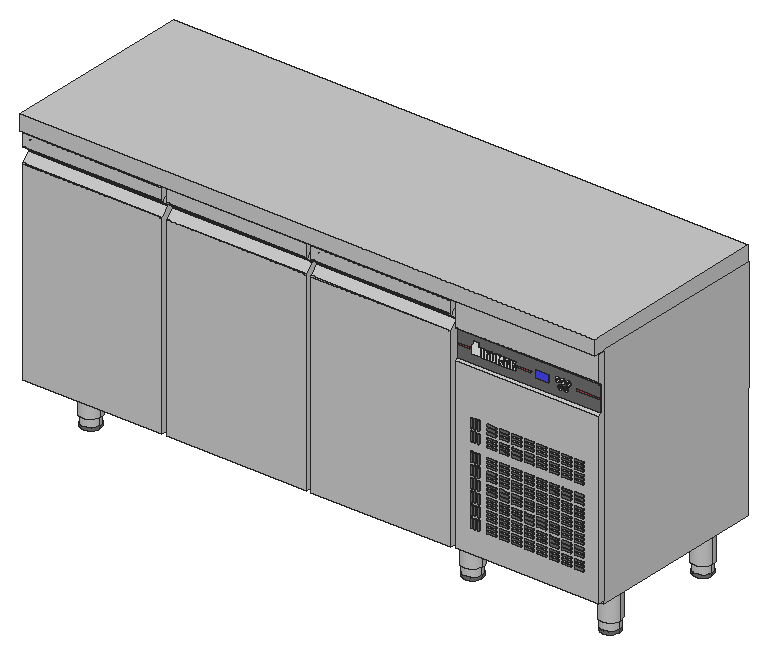
Revit family "QF_INOMAK_PMRP999_250528101708", category Specialty Equipment, Revit 2021 (continued)
Definition of nested family "QF_INOMAK_REF_COUNTERS_DOORS_DRAWERS_7216"
  Definition of nested family "Hopper"
    Automatic sketch dimensions
      Extrusion 1 sketch curve to Extrusion 1 sketch curve = 0.929 mm
      Extrusion 1 sketch curve to Extrusion 1 sketch curve = 2.385 mm
      Extrusion 1 sketch curve to Extrusion 1 sketch curve = 3.172 mm
      Extrusion 1 sketch curve to Extrusion 1 sketch curve = 11.91 mm
      Extrusion 1 sketch curve to Extrusion 1 sketch curve = 6.515 mm
      Extrusion 1 sketch curve to Extrusion 1 sketch curve = 1.556 mm
      Extrusion 1 sketch curve to Extrusion 1 sketch curve = 21.58 mm
      Extrusion 1 sketch curve to Extrusion 1 sketch curve = 1.242 mm
      Extrusion 1 sketch curve to Extrusion 1 sketch curve = 1.9 mm
      Extrusion 1 sketch curve to Extrusion 1 sketch curve = 0.515 mm
      Extrusion 1 sketch curve to Extrusion 1 sketch curve = 22.822 mm
      Extrusion 1 sketch curve to Extrusion 1 sketch curve = 19.985 mm
      Extrusion 1 sketch curve to Extrusion 1 sketch curve = 6.919 mm
      Extrusion 1 sketch curve to Extrusion 1 sketch curve = 30.039 mm
      Extrusion 2 sketch curve to plane 7 "Front legs" = 0 mm
      plane 13 to Extrusion 2 sketch curve = 0 mm
      plane 12 to Extrusion 2 sketch curve = 0 mm
      Extrusion 2 sketch curve to plane 5 "Front" = 565 mm
      curve 1 to plane 10 "Left panel" = 0 mm
      curve 2 to plane 11 "Right panel" = 0 mm
      curve 6 to plane 5 "Front" = 0 mm
      curve 5 to plane 5 "Front" = 0 mm
      curve 4 to plane 5 "Front" = 525 mm
      curve 3 to curve 3 = 40 mm
      plane 11 "Right panel" to curve 5 = 30 mm
      curve 6 to plane 10 "Left panel" = 30 mm
Definition of nested family "QF_INOMAK_REF_COUNTERS_DOORS_DRAWERS_16690"
  Parameters (values of type "DR-LX-710")
    Weight [instance] = 0.00 kg
    Warranty Start Date [instance] = ""
    Warranty Duration [instance] = ""
    URL Cutsheet [instance] = ""
    URL = "www.inomak.com"
    Top inset [instance] = 10 mm
    Technical Documentation [instance] = ""
    Tag Number [instance] = ""
    Status [instance] = ""
    Specification by User [instance] = ""
    Specification by Manufacturer [instance] = ""
    Sound Level [instance] = ""
    Solid Fuel Type [instance] = ""
    Show Logo [instance] = yes
    Show Clearances [instance] = yes
    Service Life Duration [instance] = ""
    Serial Number [instance] = ""
    Seismic Rating [instance] = ""
    SMACNA No [instance] = ""
    Right panel thickness [instance] = 0 mm
    Revision Code [instance] = ""
    Revision [instance] = ""
    Rear inset [instance] = 0 mm
    Production Year [instance] = ""
    Point Load [instance] = 0
    Plinth height [instance] = 0 mm
    Other Equipment Approvals [instance] = ""
    NAFEM Spec ID Number [instance] = ""
    Model Warning [instance] = ""
    Model = "DR-LX-710"
    Masterspec [instance] = ""
    Manufacturer = "INOMAK"
    Length Actual [instance] = 435 mm
    Left panel thickness [instance] = 0 mm
    Item Number [instance] = ""
    Installed By [instance] = ""
    Installation Date [instance] = ""
    Identify Quantity as Lot [instance] = yes
    ID [instance] = ""
    Hygiene Approval [instance] = ""
    Height Actual [instance] = 710 mm
    Furnished By [instance] = ""
    Front inset [instance] = 10 mm
    Foodservice Equipment Identifier [instance] = yes
    Finish [instance] = none
    ETL Approved [instance] = yes
    Doors drawers type [instance] = 8
    Description = "LEFT HINGED DOOR"
    Depth Actual [instance] = 700 mm
    Default Elevation = 0 mm
    CSI MasterFormat [instance] = ""
    CE Approved [instance] = yes
    Bottom inset [instance] = 10 mm
    Barcode [instance] = ""
    Author [instance] = ""
    Asset Identifier [instance] = ""
    Assembly Code = "E1090320"
    Accessory [instance] = yes
  Types (9, lengths in mm): name | Model | Height Actual | Doors drawers type | Description
    DW-2-710 | "DW-2-710" | 710 | 4 | "2 X GN 1/2 DRAWERS"
    DR-LX-710 | "DR-LX-710" | 710 | 8 | "LEFT HINGED DOOR"
    DR-RX-710 | "DR-RX-710" | 710 | 9 | "RIGHT HINGED DOOR"
    DW-3-710 | "DW-3-710" | 710 | 6 | "3 X GN 1/3 DRAWERS"
    DW-B-710 | "DW-B-710" | 710 | 5 | "1 X GN 1/3 & 1 X GN 2/3 DRAWERS"
    DW-2-483 | "DW-2-483" | 483 | 4 | "2 X GN 1/3 DRAWERS"
    DR-LX-483 | "DR-LX-483" | 483 | 8 | "LEFT HINGED DOOR"
    DR-RX-483 | "DR-RX-483" | 483 | 9 | "RIGHT HINGED DOOR"
    DW-1-483 | "DW-1-483" | 483 | 10 | "1 X GN 2/3 DRAWER"
  Reference planes
    plane 1 "Front": y = 0
    plane 2: z = 0
    plane 3 "Left": x = 0
    plane 4 "Right": x = 435
    plane 5 "Back": y = 700
    plane 6 "Top": z = 710
    plane 7 "Bottom shelf": z = 0
    plane 8: z = 700
    plane 9: z = 10
    plane 10: x = 0
    plane 11: x = 435
    plane 12 "Center Top Bottom": z = 355
  Lines and regions (mm)
    reference lines
      curve 1: line (0, 0, 355) -> (0, 25, 355)
      curve 2: line (435, 0, 355) -> (435, 25, 355)
      curve 3: line (0, 700, 355) -> (435, 700, 355)
      curve 4: line (0, 0, 355) -> (435, 0, 355)
  Dimensions and locks
    "Length Actual": plane 3 "Left" to plane 4 "Right"
    "Depth Actual": plane 1 "Front" to plane 5 "Back"
    "Height Actual": plane 6 "Top" to plane 7 "Bottom shelf"
    "Plinth height": plane 7 "Bottom shelf" to plane 2
    "Top inset": plane 6 "Top" to plane 8
    "Bottom inset": plane 9 to plane 7 "Bottom shelf"
    "Left panel thickness": plane 3 "Left" to plane 10
    "Right panel thickness": plane 11 to plane 4 "Right"
    equal spacing: plane 6 "Top", plane 12 "Center Top Bottom", plane 7 "Bottom shelf"
    "Length Actual": curve 1 to plane 4 "Right"
    "Length Actual": plane 3 "Left" to curve 2
    "Depth Actual": plane 1 "Front" to curve 3
    "Depth Actual": plane 5 "Back" to curve 4
    aligned and locked: level to plane 2
    aligned and locked: plane 3 "Left" to nested 1
    aligned and locked: plane 3 "Left" to nested 2
    aligned and locked: plane 3 "Left" to nested 3
    aligned and locked: plane 3 "Left" to nested 4
    aligned and locked: plane 3 "Left" to nested 5
    aligned and locked: plane 3 "Left" to nested 6
    aligned and locked: plane 3 "Left" to nested 7
    aligned and locked: plane 3 "Left" to nested 8
    aligned and locked: plane 3 "Left" to nested 9
    aligned and locked: nested 4 to plane 1 "Front"
    aligned and locked: nested 6 to plane 1 "Front"
    aligned and locked: nested 8 to plane 1 "Front"
    aligned and locked: nested 5 to plane 1 "Front"
    aligned and locked: nested 3 to plane 1 "Front"
    aligned and locked: nested 7 to plane 1 "Front"
    aligned and locked: nested 2 to plane 1 "Front"
    aligned and locked: nested 1 to plane 1 "Front"
    aligned and locked: nested 9 to plane 1 "Front"
  Automatic sketch dimensions
    curve 3 to plane 4 "Right" = 0 mm
    curve 3 to plane 3 "Left" = 0 mm
    curve 2 to curve 2 = 25 mm
    curve 1 to curve 1 = 25 mm
  Nested families
    nested 1: "Right_Door" at (0, 700, 0), Depth Actual <- "Depth Actual", Height Actual <- "Height Actual", Length Actual <- "Length Actual", Front inset <- "Front inset", Rear inset <- "Rear inset", Left panel thickness <- "Left panel thickness", Right panel thickness <- "Right panel thickness", Doors drawers type <- "Doors drawers type", Plinth height <- "Plinth height", Top inset <- "Top inset", Bottom inset <- "Bottom inset", type "Right door"
      with Top inset 10 mm, Right panel thickness 0 mm, Right hand hinged door no, Rear inset 0 mm, Plinth height 0 mm, Length Actual 435 mm, Left panel thickness 0 mm, Height Actual 710 mm, Front inset 10 mm, Doors drawers type 8, Depth Actual 700 mm, Bottom inset 10 mm
    nested 2: "Left_Door" at (0, 700, 0), Depth Actual <- "Depth Actual", Height Actual <- "Height Actual", Length Actual <- "Length Actual", Front inset <- "Front inset", Rear inset <- "Rear inset", Left panel thickness <- "Left panel thickness", Right panel thickness <- "Right panel thickness", Doors drawers type <- "Doors drawers type", Plinth height <- "Plinth height", Top inset <- "Top inset", Bottom inset <- "Bottom inset", type "Left door"
      with Top inset 10 mm, Right panel thickness 0 mm, Rear inset 0 mm, Plinth height 0 mm, Length Actual 435 mm, Left panel thickness 0 mm, Left hand hinged door yes, Height Actual 710 mm, Front inset 10 mm, Doors drawers type 8, Depth Actual 700 mm, Bottom inset 10 mm
    nested 3: "3_Drawers_1-3" at (0, 700, 0), Depth Actual <- "Depth Actual", Height Actual <- "Height Actual", Length Actual <- "Length Actual", Front inset <- "Front inset", Rear inset <- "Rear inset", Left panel thickness <- "Left panel thickness", Right panel thickness <- "Right panel thickness", Doors drawers type <- "Doors drawers type", Plinth height <- "Plinth height", Top inset <- "Top inset", Bottom inset <- "Bottom inset", type "3 Drawers 1-3"
      with Top inset 10 mm, Right panel thickness 0 mm, Rear inset 0 mm, Plinth height 0 mm, Length Actual 435 mm, Left panel thickness 0 mm, Height Actual 710 mm, Front inset 10 mm, Doors drawers type 8, Depth Actual 700 mm, Bottom inset 10 mm, 3 Drawers no
    nested 4: "2_Drawers_1-2" at (0, 700, 0), Depth Actual <- "Depth Actual", Height Actual <- "Height Actual", Length Actual <- "Length Actual", Front inset <- "Front inset", Rear inset <- "Rear inset", Left panel thickness <- "Left panel thickness", Right panel thickness <- "Right panel thickness", Doors drawers type <- "Doors drawers type", Plinth height <- "Plinth height", Top inset <- "Top inset", Bottom inset <- "Bottom inset", type "2 Drawers 1-2"
      with Top inset 10 mm, Right panel thickness 0 mm, Rear inset 0 mm, Plinth height 0 mm, Length Actual 435 mm, Left panel thickness 0 mm, Height Actual 710 mm, Front inset 10 mm, Doors drawers type 8, Depth Actual 700 mm, Bottom inset 10 mm, 2 Drawers no
    nested 5: "2_Drawers_1-3_2-3" at (0, 700, 0), Depth Actual <- "Depth Actual", Height Actual <- "Height Actual", Length Actual <- "Length Actual", Front inset <- "Front inset", Rear inset <- "Rear inset", Left panel thickness <- "Left panel thickness", Right panel thickness <- "Right panel thickness", Doors drawers type <- "Doors drawers type", Plinth height <- "Plinth height", Top inset <- "Top inset", Bottom inset <- "Bottom inset", type "2 Drawers 1-3 and 2-3"
      with Top inset 10 mm, Right panel thickness 0 mm, Rear inset 0 mm, Plinth height 0 mm, Length Actual 435 mm, Left panel thickness 0 mm, Height Actual 710 mm, Front inset 10 mm, Doors drawers type 8, Depth Actual 700 mm, Bottom inset 10 mm, 2 Drawers 1-3 and 2-3 no
    nested 6: "Sliding_Doors" at (0, 700, 0), Depth Actual <- "Depth Actual", Height Actual <- "Height Actual", Length Actual <- "Length Actual", Front inset <- "Front inset", Rear inset <- "Rear inset", Left panel thickness <- "Left panel thickness", Right panel thickness <- "Right panel thickness", Doors drawers type <- "Doors drawers type", Plinth height <- "Plinth height", Top inset <- "Top inset", Bottom inset <- "Bottom inset", Finish <- "Finish", type "Sliding doors"
      with Top inset 10 mm, Sliding doors no, Right panel thickness 0 mm, Rear inset 0 mm, Plinth height 0 mm, Length Actual 435 mm, Left panel thickness 0 mm, Height Actual 710 mm, Front inset 10 mm, Finish none, Doors drawers type 8, Depth Actual 700 mm, Bottom inset 10 mm
    nested 7: "4_Drawers_1-4" at (0, 700, 0), Depth Actual <- "Depth Actual", Height Actual <- "Height Actual", Length Actual <- "Length Actual", Front inset <- "Front inset", Rear inset <- "Rear inset", Left panel thickness <- "Left panel thickness", Right panel thickness <- "Right panel thickness", Doors drawers type <- "Doors drawers type", Plinth height <- "Plinth height", Top inset <- "Top inset", Bottom inset <- "Bottom inset", Finish <- "Finish", type "4 Drawers 1-4"
      with Top inset 10 mm, Right panel thickness 0 mm, Rear inset 0 mm, Plinth height 0 mm, Length Actual 435 mm, Left panel thickness 0 mm, Height Actual 710 mm, Front inset 10 mm, Finish none, Doors drawers type 8, Depth Actual 700 mm, Bottom inset 10 mm, 4 Drawers no
    nested 8: "Hinged_Doors" at (0, 700, 0), Length Actual <- "Length Actual", Depth Actual <- "Depth Actual", Height Actual <- "Height Actual", Front inset <- "Front inset", Rear inset <- "Rear inset", Left panel thickness <- "Left panel thickness", Right panel thickness <- "Right panel thickness", Doors drawers type <- "Doors drawers type", Plinth height <- "Plinth height", Top inset <- "Top inset", Bottom inset <- "Bottom inset", Finish <- "Finish", type "Hinged doors"
      with Top inset 10 mm, Right panel thickness 0 mm, Rear inset 0 mm, Plinth height 0 mm, Length Actual 435 mm, Left panel thickness 0 mm, Hinged doors no, Height Actual 710 mm, Front inset 10 mm, Finish none, Doors drawers type 8, Depth Actual 700 mm, Bottom inset 10 mm
    nested 9: "Hopper" at (0, 700, 1.284), Length Actual <- "Length Actual", Depth Actual <- "Depth Actual", Height Actual <- "Height Actual", Front inset <- "Front inset", Rear inset <- "Rear inset", Left panel thickness <- "Left panel thickness", Right panel thickness <- "Right panel thickness", Doors drawers type <- "Doors drawers type", Plinth height <- "Plinth height", Top inset <- "Top inset", Bottom inset <- "Bottom inset", Finish <- "Finish", type "Hopper"
      with Top inset 10 mm, Right panel thickness 0 mm, Rear inset 0 mm, Plinth height 0 mm, Length Actual 435 mm, Left panel thickness 0 mm, Hopper no, Height Actual 710 mm, Front inset 10 mm, Finish none, Doors drawers type 8, Depth Actual 700 mm, Bottom inset 10 mm
  Definition of nested family "Left_Door"
    Parameters (values of type "Left door")
      URL = "www.specifiglobal.com"
      Top inset [instance] = 10 mm
      Right panel thickness [instance] = 0 mm
      Rear inset [instance] = 0 mm
      Plinth height [instance] = 150 mm
      Model = ""
      Manufacturer = "DEMO CONSULTANT"
      Length Actual [instance] = 700 mm
      Left panel thickness [instance] = 0 mm
      Left hand hinged door [instance] = Doors drawers type = 8  # yes
      Height Actual [instance] = 710 mm
      Front inset [instance] = 10 mm
      Finish = none
      Doors drawers type [instance] = 8
      Description = ""
      Depth Actual [instance] = 700 mm
      Default Elevation = 0 mm
      Bottom inset [instance] = 0 mm
      Assembly Code = "E1090320"
    Reference planes
      plane 1 "Back": y = 0
      plane 2: z = 0
      plane 3 "Left": x = 0
      plane 4 "Right": x = 700
      plane 5 "Front": y = -700
      plane 6 "Top": z = 860
      plane 7 "Front legs": y = -690
      plane 8 "Legs top": z = 150
      plane 9 "Backsplash thickness": y = 0
      plane 10 "Left panel": x = 0
      plane 11 "Right panel": x = 700
      plane 12: z = 850
      plane 13: z = 150
    Forms (mm)
      Extrusion 1, solid, material <- "Finish", visible <- "Left hand hinged door"
        sketch origin (0, 0, 0) x (0, -1, 0) y (0, 0, 1)
          loop
            line (690, 150) -> (690, 764.365)
            arc (690, 764.365) -> (689.866, 765.037) -> (689.485, 765.607) r 1.757
            line (689.485, 765.607) -> (666.663, 788.429)
            arc (666.663, 788.429) -> (665.976, 789.458) -> (665.734, 790.672) r 3.172
            line (665.734, 790.672) -> (665.734, 817.576)
            arc (665.734, 817.576) -> (666.433, 819.262) -> (668.119, 819.961) r 2.385
            line (668.119, 819.961) -> (680.029, 819.961) -> (686.544, 810.657)
            arc (686.544, 810.657) -> (688.671, 809.935) -> (690, 811.747) r 1.9
            line (690, 811.747) -> (690, 850) -> (648, 850) -> (648, 150) -> (690, 150)
        from 0 to -700
      Extrusion 2, solid, visible <- "Left hand hinged door", detail levels coarse
        sketch origin (0, -700, 150) x (-1, 0, 0) y (0, 1, 0)
          loop
            arc (-700, 10) -> (-495.871, -481.066) -> (0, -673.23) r 677.11
            line (0, -673.23) -> (0, 10) -> (-700, 10)
        from 0 to -700
    Lines and regions (mm)
      symbolic lines, visible <- "Left hand hinged door"
        curve 1: line (0, -700, 150) -> (0, -1373.247, 150)
        curve 2: arc (0, -1373.247, 150) -> (492.316, -1184.595, 150) -> (700, -700, 150) r 676.963
    Dimensions and locks
      "Length Actual": plane 3 "Left" to plane 4 "Right"
      "Depth Actual": plane 5 "Front" to plane 1 "Back"
      "Height Actual": plane 6 "Top" to plane 8 "Legs top"
      "Front inset": plane 7 "Front legs" to plane 5 "Front"
      "Plinth height": plane 8 "Legs top" to plane 2
      "Rear inset": plane 9 "Backsplash thickness" to plane 1 "Back"
      "Right panel thickness": plane 11 "Right panel" to plane 4 "Right"
      "Left panel thickness": plane 3 "Left" to plane 10 "Left panel"
      "Top inset": plane 6 "Top" to plane 12
      "Bottom inset": plane 13 to plane 8 "Legs top"
      aligned and locked: level to plane 2
      aligned and locked: Extrusion 1 to plane 11 "Right panel"
      aligned and locked: plane 10 "Left panel" to Extrusion 2 sketch curve
      aligned and locked: plane 11 "Right panel" to Extrusion 2 sketch curve
      aligned and locked: Extrusion 2 sketch curve to plane 10 "Left panel"
      aligned and locked: plane 7 "Front legs" to Extrusion 2 sketch curve
      aligned and locked: plane 7 "Front legs" to Extrusion 2
      aligned and locked: plane 10 "Left panel" to Extrusion 2
      aligned and locked: Extrusion 2 to plane 12
      aligned and locked: Extrusion 1 sketch curve to plane 13
      aligned and locked: Extrusion 1 sketch curve to plane 7 "Front legs"
      aligned and locked: Extrusion 1 sketch curve to plane 12
    Automatic sketch dimensions
      Extrusion 1 sketch curve to Extrusion 1 sketch curve = 1.556 mm
      Extrusion 1 sketch curve to Extrusion 1 sketch curve = 11.91 mm
      Extrusion 1 sketch curve to Extrusion 1 sketch curve = 2.243 mm
      Extrusion 1 sketch curve to Extrusion 1 sketch curve = 2.385 mm
      Extrusion 1 sketch curve to Extrusion 1 sketch curve = 20.119 mm
      Extrusion 1 sketch curve to Extrusion 1 sketch curve = 22.822 mm
      Extrusion 1 sketch curve to Extrusion 1 sketch curve = 19.985 mm
      Extrusion 1 sketch curve to Extrusion 1 sketch curve = 6.919 mm
      Extrusion 1 sketch curve to Extrusion 1 sketch curve = 30.039 mm
      plane 7 "Front legs" to Extrusion 1 sketch curve = 42 mm
      Extrusion 1 sketch curve to Extrusion 1 sketch curve = 0.929 mm
      Extrusion 1 sketch curve to Extrusion 1 sketch curve = 6.515 mm
      Extrusion 1 sketch curve to Extrusion 1 sketch curve = 1.242 mm
      Extrusion 1 sketch curve to Extrusion 1 sketch curve = 1.9 mm
      Extrusion 1 sketch curve to Extrusion 1 sketch curve = 0.515 mm
      plane 5 "Front" to Extrusion 2 sketch curve = 3.492 mm
      plane 3 "Left" to Extrusion 2 sketch curve = 22.921 mm
      curve 1 to plane 3 "Left" = 0 mm
      curve 2 to plane 4 "Right" = 0 mm
      curve 2 to plane 5 "Front" = 0 mm
      curve 1 to plane 5 "Front" = 0 mm
      plane 5 "Front" to curve 2 = 3.324 mm
      plane 3 "Left" to curve 2 = 23.045 mm
  Definition of nested family "Right_Door"
    Parameters (values of type "Right door")
      URL = "www.specifiglobal.com"
      Top inset [instance] = 4 mm
      Right panel thickness [instance] = 35 mm
      Right hand hinged door [instance] = Doors drawers type = 9  # yes
      Rear inset [instance] = 10 mm
      Plinth height [instance] = 150 mm
      Model = ""
      Manufacturer = "DEMO CONSULTANT"
      Length Actual [instance] = 1700 mm
      Left panel thickness [instance] = 35 mm
      Height Actual [instance] = 900 mm
      Front inset [instance] = 10 mm
      Finish = none
      Doors drawers type [instance] = 9
      Description = ""
      Depth Actual [instance] = 700 mm
      Default Elevation = 0 mm
      Bottom inset [instance] = 4 mm
      Assembly Code = "E1090320"
    Reference planes
      plane 1 "Back": y = 0
      plane 2: z = 0
      plane 3 "Left": x = 0
      plane 4 "Right": x = 1700
      plane 5 "Front": y = -700
      plane 6 "Top": z = 1050
      plane 7 "Front legs": y = -690
      plane 8 "Legs top": z = 150
      plane 9 "Backsplash thickness": y = -10
      plane 10 "Left panel": x = 35
      plane 11 "Right panel": x = 1665
      plane 12: z = 1046
      plane 13: z = 154
    Forms (mm)
      Extrusion 1, solid, material <- "Finish", visible <- "Right hand hinged door"
        sketch origin (35, 0, 0) x (0, -1, 0) y (0, 0, 1)
          loop
            line (690, 154) -> (690, 960.365)
            arc (690, 960.365) -> (689.866, 961.037) -> (689.485, 961.607) r 1.757
            line (689.485, 961.607) -> (666.663, 984.429)
            arc (666.663, 984.429) -> (665.976, 985.458) -> (665.734, 986.672) r 3.172
            line (665.734, 986.672) -> (665.734, 1013.576)
            arc (665.734, 1013.576) -> (666.433, 1015.262) -> (668.119, 1015.961) r 2.385
            line (668.119, 1015.961) -> (680.029, 1015.961) -> (686.544, 1006.657)
            arc (686.544, 1006.657) -> (688.671, 1005.935) -> (690, 1007.747) r 1.9
            line (690, 1007.747) -> (690, 1046) -> (648, 1046) -> (648, 154) -> (690, 154)
        from 0 to -1630
      Extrusion 2, solid, visible <- "Right hand hinged door", detail levels coarse
        sketch origin (0, -700, 154) x (-1, 0, 0) y (0, 1, 0)
          loop
            line (-1665, 10) -> (-1665, -1637.12)
            arc (-1665, -1637.12) -> (-517.894, -1142.214) -> (-35, 10) r 1670.236
            line (-35, 10) -> (-1665, 10)
        from 0 to -892
    Lines and regions (mm)
      symbolic lines, visible <- "Right hand hinged door"
        curve 1: line (1665, -2337.12, 150) -> (1665, -700, 150)
        curve 2: arc (1665, -2337.12, 150) -> (521.415, -1845.762, 150) -> (35.165, -699.995, 150) r 1670.236
    Dimensions and locks
      "Length Actual": plane 3 "Left" to plane 4 "Right"
      "Depth Actual": plane 5 "Front" to plane 1 "Back"
      "Height Actual": plane 6 "Top" to plane 8 "Legs top"
      "Front inset": plane 7 "Front legs" to plane 5 "Front"
      "Plinth height": plane 8 "Legs top" to plane 2
      "Rear inset": plane 9 "Backsplash thickness" to plane 1 "Back"
      "Right panel thickness": plane 11 "Right panel" to plane 4 "Right"
      "Left panel thickness": plane 3 "Left" to plane 10 "Left panel"
      "Top inset": plane 6 "Top" to plane 12
      "Bottom inset": plane 13 to plane 8 "Legs top"
      aligned and locked: level to plane 2
      aligned and locked: Extrusion 1 to plane 11 "Right panel"
      aligned and locked: plane 10 "Left panel" to Extrusion 2 sketch curve
      aligned and locked: plane 11 "Right panel" to Extrusion 2 sketch curve
      aligned and locked: plane 7 "Front legs" to Extrusion 2
      aligned and locked: plane 7 "Front legs" to Extrusion 2 sketch curve
      aligned and locked: Extrusion 2 sketch curve to plane 11 "Right panel"
      aligned and locked: curve 1 to Extrusion 2
      aligned and locked: plane 5 "Front" to curve 1
      aligned and locked: Extrusion 2 to plane 12
      aligned and locked: Extrusion 1 sketch curve to plane 12
      aligned and locked: Extrusion 1 sketch curve to plane 7 "Front legs"
      aligned and locked: Extrusion 1 sketch curve to plane 13
      aligned and locked: curve 2 to Extrusion 2
    Automatic sketch dimensions
      Extrusion 1 sketch curve to Extrusion 1 sketch curve = 1.556 mm
      Extrusion 1 sketch curve to Extrusion 1 sketch curve = 11.91 mm
      Extrusion 1 sketch curve to Extrusion 1 sketch curve = 2.243 mm
      Extrusion 1 sketch curve to Extrusion 1 sketch curve = 2.385 mm
      Extrusion 1 sketch curve to Extrusion 1 sketch curve = 20.119 mm
      Extrusion 1 sketch curve to Extrusion 1 sketch curve = 22.822 mm
      Extrusion 1 sketch curve to Extrusion 1 sketch curve = 19.985 mm
      Extrusion 1 sketch curve to Extrusion 1 sketch curve = 6.919 mm
      Extrusion 1 sketch curve to Extrusion 1 sketch curve = 30.039 mm
      plane 7 "Front legs" to Extrusion 1 sketch curve = 42 mm
      Extrusion 1 sketch curve to Extrusion 1 sketch curve = 0.929 mm
      Extrusion 1 sketch curve to Extrusion 1 sketch curve = 6.515 mm
      Extrusion 1 sketch curve to Extrusion 1 sketch curve = 1.242 mm
      Extrusion 1 sketch curve to Extrusion 1 sketch curve = 1.9 mm
      Extrusion 1 sketch curve to Extrusion 1 sketch curve = 0.515 mm
      Extrusion 2 sketch curve to plane 4 "Right" = 5.083 mm
      plane 7 "Front legs" to Extrusion 2 sketch curve = 22.635 mm
      plane 5 "Front" to curve 2 = 0.005 mm
  Definition of nested family "3_Drawers_1-3"
    Parameters (values of type "3 Drawers 1-3")
      URL = "www.specifiglobal.com"
      Top inset [instance] = 4 mm
      Right panel thickness [instance] = 35 mm
      Rear inset [instance] = 10 mm
      Plinth height [instance] = 150 mm
      Model = ""
      Manufacturer = "DEMO CONSULTANT"
      Length Actual [instance] = 1200 mm
      Left panel thickness [instance] = 35 mm
      Height Actual [instance] = 900 mm
      Front inset [instance] = 10 mm
      Finish = none
      Doors drawers type [instance] = 6
      Description = ""
      Depth Actual [instance] = 700 mm
      Default Elevation = 0 mm
      Bottom inset [instance] = 4 mm
      Assembly Code = "E1090320"
      3 Drawers [instance] = Doors drawers type = 6  # yes
    Reference planes
      plane 1 "Back": y = 0
      plane 2: z = 0
      plane 3 "Left": x = 0
      plane 4 "Right": x = 1200
      plane 5 "Front": y = -700
      plane 6 "Top": z = 1050
      plane 7 "Front legs": y = -690
      plane 8 "Legs top": z = 150
      plane 9 "Backsplash thickness": y = -10
      plane 10 "Left panel": x = 35
      plane 11 "Right panel": x = 1165
      plane 12: z = 749.333
      plane 13: z = 1046
      plane 14: z = 751.667
      plane 15: z = 747
      plane 16: z = 1048
      plane 17: z = 450.667
      plane 18: z = 453.333
      plane 19: z = 448
      plane 20: z = 154
      plane 21: z = 152
    Forms (mm)
      Extrusion 1, solid, material <- "Finish", visible <- "3 Drawers"
        sketch origin (35, 0, 0) x (0, -1, 0) y (0, 0, 1)
          loop
            line (690, 751.667) -> (690, 960.365)
            arc (690, 960.365) -> (689.866, 961.037) -> (689.485, 961.607) r 1.757
            line (689.485, 961.607) -> (666.663, 984.429)
            arc (666.663, 984.429) -> (665.976, 985.458) -> (665.734, 986.672) r 3.172
            line (665.734, 986.672) -> (665.734, 1013.576)
            arc (665.734, 1013.576) -> (666.433, 1015.262) -> (668.119, 1015.961) r 2.385
            line (668.119, 1015.961) -> (680.029, 1015.961) -> (686.544, 1006.657)
            arc (686.544, 1006.657) -> (688.671, 1005.935) -> (690, 1007.747) r 1.9
            line (690, 1007.747) -> (690, 1046) -> (648, 1046) -> (648, 751.667) -> (690, 751.667)
        from 0 to -1130
      Extrusion 2, solid, visible <- "3 Drawers", detail levels coarse
        sketch origin (0, -640.463, 751.667) x (0, 1, 0) y (-1, 0, 0)
          loop
            line (-49.537, -35) -> (-624.582, -35) -> (-624.582, -1165) -> (-49.537, -1165) -> (-49.537, -35)
        from 0 to 294.333
      Extrusion 3, solid, visible <- "3 Drawers", detail levels coarse
        sketch origin (0, -640.463, 453.333) x (0, 1, 0) y (-1, 0, 0)
          loop
            line (-49.537, -35) -> (-624.582, -35) -> (-624.582, -1165) -> (-49.537, -1165) -> (-49.537, -35)
        from 0 to 293.667
      Extrusion 4, solid, visible <- "3 Drawers", detail levels coarse
        sketch origin (0, -700, 154) x (-1, 0, 0) y (0, 1, 0)
          loop
            line (-35, 10) -> (-1165, 10) -> (-1165, -565.045) -> (-35, -565.045) -> (-35, 10)
        from 0 to -294
      Extrusion 5, solid, material <- "Finish", visible <- "3 Drawers"
        sketch origin (35, 0, -220.667) x (0, -1, 0) y (0, 0, 1)
          loop
            line (690, 674) -> (690, 882.031)
            arc (690, 882.031) -> (689.866, 882.704) -> (689.485, 883.274) r 1.757
            line (689.485, 883.274) -> (666.663, 906.096)
            arc (666.663, 906.096) -> (665.976, 907.125) -> (665.734, 908.339) r 3.172
            line (665.734, 908.339) -> (665.734, 935.243)
            arc (665.734, 935.243) -> (666.433, 936.929) -> (668.119, 937.628) r 2.385
            line (668.119, 937.628) -> (680.029, 937.628) -> (686.544, 928.324)
            arc (686.544, 928.324) -> (688.671, 927.602) -> (690, 929.414) r 1.9
            line (690, 929.414) -> (690, 967.667) -> (648, 967.667) -> (648, 674) -> (690, 674)
        from 0 to -1130
      Extrusion 6, solid, material <- "Finish", visible <- "3 Drawers"
        sketch origin (35, 0, -441.333) x (0, -1, 0) y (0, 0, 1)
          loop
            line (690, 595.333) -> (690, 800.031)
            arc (690, 800.031) -> (689.866, 800.704) -> (689.485, 801.274) r 1.757
            line (689.485, 801.274) -> (666.663, 824.096)
            arc (666.663, 824.096) -> (665.976, 825.125) -> (665.734, 826.339) r 3.172
            line (665.734, 826.339) -> (665.734, 857.243)
            arc (665.734, 857.243) -> (666.433, 858.929) -> (668.119, 859.628) r 2.385
            line (668.119, 859.628) -> (680.029, 859.628) -> (686.544, 850.324)
            arc (686.544, 850.324) -> (688.671, 849.602) -> (690, 851.414) r 1.9
            line (690, 851.414) -> (690, 889.333) -> (648, 889.333) -> (648, 595.333) -> (690, 595.333)
        from 0 to -1130
    Lines and regions (mm)
      symbolic lines, visible <- "3 Drawers"
        curve 1: line (35, -850, 900) -> (35, -890, 900)
        curve 2: line (35, -890, 900) -> (1165, -890, 900)
        curve 3: line (1165, -890, 900) -> (1165, -850, 900)
        curve 4: line (1165, -850, 900) -> (35, -850, 900)
        curve 5: line (1135, -850, 900) -> (1135, -700, 900)
        curve 6: line (65, -850, 900) -> (65, -700, 900)
        curve 7: line (35, -1040, 900) -> (35, -1080, 900)
        curve 8: line (35, -1080, 900) -> (1165, -1080, 900)
        curve 9: line (1165, -1080, 900) -> (1165, -1040, 900)
        curve 10: line (1165, -1040, 900) -> (35, -1040, 900)
        curve 11: line (1135, -1040, 900) -> (1135, -890, 900)
        curve 12: line (65, -1040, 900) -> (65, -890, 900)
        curve 13: line (35, -1225, 900) -> (35, -1265, 900)
        curve 14: line (35, -1265, 900) -> (1165, -1265, 900)
        curve 15: line (1165, -1265, 900) -> (1165, -1225, 900)
        curve 16: line (1165, -1225, 900) -> (35, -1225, 900)
        curve 17: line (1135, -1225, 900) -> (1135, -1080, 900)
        curve 18: line (65, -1225, 900) -> (65, -1080, 900)
    Dimensions and locks
      "Length Actual": plane 3 "Left" to plane 4 "Right"
      "Depth Actual": plane 5 "Front" to plane 1 "Back"
      "Height Actual": plane 6 "Top" to plane 8 "Legs top"
      "Front inset": plane 7 "Front legs" to plane 5 "Front"
      "Plinth height": plane 8 "Legs top" to plane 2
      "Rear inset": plane 9 "Backsplash thickness" to plane 1 "Back"
      "Right panel thickness": plane 11 "Right panel" to plane 4 "Right"
      "Left panel thickness": plane 3 "Left" to plane 10 "Left panel"
      plane 14 to plane 15 = 4.667 mm
      equal spacing: plane 14, plane 12, plane 15
      locked: plane 16 to plane 13 at 2
      equal spacing: plane 18, plane 17, plane 19
      plane 18 to plane 19 = 5.333 mm
      "Bottom inset": plane 20 to plane 8 "Legs top"
      equal spacing: plane 21, plane 17, plane 12, plane 16
      "Top inset": plane 13 to plane 6 "Top"
      locked: plane 21 to plane 20 at 2
      aligned and locked: level to plane 2
      aligned and locked: Extrusion 1 to plane 11 "Right panel"
      aligned and locked: plane 10 "Left panel" to curve 1
      aligned and locked: plane 10 "Left panel" to curve 7
      aligned and locked: plane 10 "Left panel" to curve 13
      aligned and locked: Extrusion 2 sketch curve to plane 10 "Left panel"
      aligned and locked: plane 11 "Right panel" to Extrusion 2 sketch curve
      aligned and locked: Extrusion 3 sketch curve to plane 10 "Left panel"
      aligned and locked: plane 11 "Right panel" to Extrusion 3 sketch curve
      aligned and locked: Extrusion 4 sketch curve to plane 10 "Left panel"
      aligned and locked: plane 11 "Right panel" to Extrusion 4 sketch curve
      aligned and locked: Extrusion 2 to plane 13
      aligned and locked: Extrusion 3 to plane 15
      aligned and locked: Extrusion 4 to plane 19
      aligned and locked: Extrusion 5 to plane 11 "Right panel"
      aligned and locked: Extrusion 6 to plane 11 "Right panel"
      aligned and locked: Extrusion 1 sketch curve to plane 13
      aligned and locked: Extrusion 1 sketch curve to plane 7 "Front legs"
      aligned and locked: plane 18 to Extrusion 5 sketch curve
      aligned and locked: Extrusion 6 sketch curve to Extrusion 4  (x2)
      aligned and locked: Extrusion 5 sketch curve to plane 15
      aligned and locked: Extrusion 4 to Extrusion 5 sketch curve
      aligned and locked: Extrusion 6 sketch curve to plane 19
      aligned and locked: Extrusion 6 sketch curve to plane 20
    Automatic sketch dimensions
      Extrusion 2 sketch curve to plane 7 "Front legs" = 0 mm
      Extrusion 2 sketch curve to plane 5 "Front" = 565.045 mm
      Extrusion 3 sketch curve to plane 7 "Front legs" = 0 mm
      Extrusion 3 sketch curve to plane 5 "Front" = 565.045 mm
      Extrusion 4 sketch curve to plane 7 "Front legs" = 0 mm
      Extrusion 4 sketch curve to plane 5 "Front" = 565.045 mm
      curve 14 to plane 11 "Right panel" = 0 mm
      curve 8 to plane 11 "Right panel" = 0 mm
      curve 3 to plane 11 "Right panel" = 0 mm
      curve 6 to plane 5 "Front" = 0 mm
      curve 5 to plane 5 "Front" = 0 mm
      curve 1 to plane 5 "Front" = 150 mm
      curve 2 to curve 3 = 40 mm
      curve 10 to curve 1 = 150 mm
      curve 9 to curve 9 = 40 mm
      curve 13 to curve 7 = 145 mm
      curve 14 to curve 13 = 40 mm
      curve 3 to curve 5 = 30 mm
      curve 15 to curve 17 = 30 mm
      curve 11 to curve 17 = 0 mm
      curve 6 to plane 10 "Left panel" = 30 mm
      curve 18 to plane 10 "Left panel" = 30 mm
      curve 12 to curve 18 = 0 mm
      Extrusion 1 sketch curve to plane 14 = 0 mm
      Extrusion 1 sketch curve to plane 7 "Front legs" = 0 mm
      plane 7 "Front legs" to Extrusion 1 sketch curve = 0.515 mm
      plane 7 "Front legs" to Extrusion 1 sketch curve = 1.757 mm
      plane 7 "Front legs" to Extrusion 1 sketch curve = 1.9 mm
      Extrusion 1 sketch curve to Extrusion 1 sketch curve = 1.556 mm
      plane 7 "Front legs" to Extrusion 1 sketch curve = 9.971 mm
      plane 7 "Front legs" to Extrusion 1 sketch curve = 21.094 mm
      Extrusion 1 sketch curve to Extrusion 1 sketch curve = 11.91 mm
      Extrusion 1 sketch curve to Extrusion 1 sketch curve = 2.243 mm
      Extrusion 1 sketch curve to Extrusion 1 sketch curve = 2.385 mm
      Extrusion 1 sketch curve to Extrusion 1 sketch curve = 20.119 mm
      plane 13 to Extrusion 1 sketch curve = 85.635 mm
      Extrusion 1 sketch curve to Extrusion 1 sketch curve = 22.822 mm
      Extrusion 1 sketch curve to Extrusion 1 sketch curve = 19.985 mm
      Extrusion 1 sketch curve to Extrusion 1 sketch curve = 6.919 mm
      plane 15 to Extrusion 5 sketch curve = 59.328 mm
      Extrusion 5 sketch curve to Extrusion 5 sketch curve = 17.734 mm
      plane 15 to Extrusion 5 sketch curve = 61.571 mm
      Extrusion 5 sketch curve to Extrusion 5 sketch curve = 0.929 mm
      Extrusion 5 sketch curve to Extrusion 5 sketch curve = 2.385 mm
      Extrusion 5 sketch curve to Extrusion 5 sketch curve = 11.91 mm
      Extrusion 5 sketch curve to Extrusion 5 sketch curve = 6.515 mm
      Extrusion 5 sketch curve to Extrusion 5 sketch curve = 1.556 mm
      Extrusion 5 sketch curve to Extrusion 5 sketch curve = 21.58 mm
      plane 15 to Extrusion 5 sketch curve = 84.393 mm
      Extrusion 5 sketch curve to Extrusion 5 sketch curve = 1.242 mm
      Extrusion 5 sketch curve to Extrusion 5 sketch curve = 1.9 mm
      Extrusion 5 sketch curve to Extrusion 5 sketch curve = 0.515 mm
      Extrusion 5 sketch curve to Extrusion 5 sketch curve = 6.919 mm
      Extrusion 5 sketch curve to Extrusion 5 sketch curve = 30.039 mm
      plane 7 "Front legs" to Extrusion 6 sketch curve = 0.515 mm
      plane 7 "Front legs" to Extrusion 6 sketch curve = 1.757 mm
      plane 7 "Front legs" to Extrusion 6 sketch curve = 1.9 mm
      Extrusion 6 sketch curve to Extrusion 6 sketch curve = 1.556 mm
      plane 7 "Front legs" to Extrusion 6 sketch curve = 9.971 mm
      plane 7 "Front legs" to Extrusion 6 sketch curve = 21.094 mm
      Extrusion 6 sketch curve to Extrusion 6 sketch curve = 11.91 mm
      Extrusion 6 sketch curve to Extrusion 6 sketch curve = 2.243 mm
      Extrusion 6 sketch curve to Extrusion 6 sketch curve = 2.385 mm
      Extrusion 6 sketch curve to Extrusion 6 sketch curve = 20.119 mm
      plane 19 to Extrusion 6 sketch curve = 89.302 mm
      Extrusion 6 sketch curve to Extrusion 6 sketch curve = 22.822 mm
      Extrusion 6 sketch curve to Extrusion 6 sketch curve = 23.985 mm
      Extrusion 6 sketch curve to Extrusion 6 sketch curve = 6.919 mm
  Definition of nested family "2_Drawers_1-2"
    Parameters (values of type "2 Drawers 1-2")
      URL = "www.specifiglobal.com"
      Top inset [instance] = 4 mm
      Right panel thickness [instance] = 35 mm
      Rear inset [instance] = 10 mm
      Plinth height [instance] = 150 mm
      Model = ""
      Manufacturer = "DEMO CONSULTANT"
      Length Actual [instance] = 1200 mm
      Left panel thickness [instance] = 35 mm
      Height Actual [instance] = 900 mm
      Front inset [instance] = 10 mm
      Finish = none
      Doors drawers type [instance] = 4
      Description = ""
      Depth Actual [instance] = 700 mm
      Default Elevation = 0 mm
      Bottom inset [instance] = 4 mm
      Assembly Code = "E1090320"
      2 Drawers [instance] = Doors drawers type = 4  # yes
    Reference planes
      plane 1 "Back": y = 0
      plane 2: z = 0
      plane 3 "Left": x = 0
      plane 4 "Right": x = 1200
      plane 5 "Front": y = -700
      plane 6 "Top": z = 1050
      plane 7 "Front legs": y = -690
      plane 8 "Legs top": z = 150
      plane 9 "Backsplash thickness": y = -10
      plane 10 "Left panel": x = 35
      plane 11 "Right panel": x = 1165
      plane 12: z = 600
      plane 13: z = 1046
      plane 14: z = 602
      plane 15: z = 598
      plane 16: z = 154
    Forms (mm)
      Extrusion 1, solid, material <- "Finish", visible <- "2 Drawers"
        sketch origin (35, 0, 0) x (0, -1, 0) y (0, 0, 1)
          loop
            line (690, 602) -> (690, 960.365)
            arc (690, 960.365) -> (689.866, 961.037) -> (689.485, 961.607) r 1.757
            line (689.485, 961.607) -> (666.663, 984.429)
            arc (666.663, 984.429) -> (665.976, 985.458) -> (665.734, 986.672) r 3.172
            line (665.734, 986.672) -> (665.734, 1013.576)
            arc (665.734, 1013.576) -> (666.433, 1015.262) -> (668.119, 1015.961) r 2.385
            line (668.119, 1015.961) -> (680.029, 1015.961) -> (686.544, 1006.657)
            arc (686.544, 1006.657) -> (688.671, 1005.935) -> (690, 1007.747) r 1.9
            line (690, 1007.747) -> (690, 1046) -> (648, 1046) -> (648, 602) -> (690, 602)
        from 0 to -1130
      Extrusion 2, solid, visible <- "2 Drawers", detail levels coarse
        sketch origin (0, -640.463, 602) x (0, 1, 0) y (-1, 0, 0)
          loop
            line (-49.537, -35) -> (-624.537, -35) -> (-624.537, -1165) -> (-49.537, -1165) -> (-49.537, -35)
        from 0 to 444
      Extrusion 3, solid, visible <- "2 Drawers", detail levels coarse
        sketch origin (0, -700, 154) x (-1, 0, 0) y (0, 1, 0)
          loop
            line (-35, 10) -> (-1165, 10) -> (-1165, -565) -> (-35, -565) -> (-35, 10)
        from 0 to -444
      Extrusion 4, solid, material <- "Finish", visible <- "2 Drawers"
        sketch origin (35, 0, -441.333) x (0, -1, 0) y (0, 0, 1)
          loop
            line (690, 595.333) -> (690, 953.698)
            arc (690, 953.698) -> (689.866, 954.37) -> (689.485, 954.94) r 1.757
            line (689.485, 954.94) -> (666.663, 977.763)
            arc (666.663, 977.763) -> (665.976, 978.792) -> (665.734, 980.006) r 3.172
            line (665.734, 980.006) -> (665.734, 1006.909)
            arc (665.734, 1006.909) -> (666.433, 1008.596) -> (668.119, 1009.294) r 2.385
            line (668.119, 1009.294) -> (680.029, 1009.294) -> (686.544, 999.991)
            arc (686.544, 999.991) -> (688.671, 999.268) -> (690, 1001.08) r 1.9
            line (690, 1001.08) -> (690, 1039.333) -> (648, 1039.333) -> (648, 595.333) -> (690, 595.333)
        from 0 to -1130
    Lines and regions (mm)
      symbolic lines, visible <- "2 Drawers"
        curve 1: line (35, -940, 900) -> (35, -980, 900)
        curve 2: line (35, -980, 900) -> (1165, -980, 900)
        curve 3: line (1165, -980, 900) -> (1165, -940, 900)
        curve 4: line (1165, -940, 900) -> (35, -940, 900)
        curve 5: line (1135, -940, 900) -> (1135, -700, 900)
        curve 6: line (65, -940, 900) -> (65, -700, 900)
        curve 7: line (35, -1225, 900) -> (35, -1265, 900)
        curve 8: line (35, -1265, 900) -> (1165, -1265, 900)
        curve 9: line (1165, -1265, 900) -> (1165, -1225, 900)
        curve 10: line (1165, -1225, 900) -> (35, -1225, 900)
        curve 11: line (1135, -1225, 900) -> (1135, -980, 900)
        curve 12: line (65, -1225, 900) -> (65, -980, 900)
    Dimensions and locks
      "Length Actual": plane 3 "Left" to plane 4 "Right"
      "Depth Actual": plane 5 "Front" to plane 1 "Back"
      "Height Actual": plane 6 "Top" to plane 8 "Legs top"
      "Front inset": plane 7 "Front legs" to plane 5 "Front"
      "Plinth height": plane 8 "Legs top" to plane 2
      "Rear inset": plane 9 "Backsplash thickness" to plane 1 "Back"
      "Right panel thickness": plane 11 "Right panel" to plane 4 "Right"
      "Left panel thickness": plane 3 "Left" to plane 10 "Left panel"
      "Top inset": plane 6 "Top" to plane 13
      "Bottom inset": plane 16 to plane 8 "Legs top"
      equal spacing: plane 16, plane 12, plane 13
      locked: plane 14 to plane 12 at 2
      locked: plane 15 to plane 12 at 2
      aligned and locked: level to plane 2
      aligned and locked: Extrusion 1 to plane 11 "Right panel"
      aligned and locked: plane 10 "Left panel" to curve 1
      aligned and locked: plane 10 "Left panel" to curve 7
      aligned and locked: Extrusion 2 sketch curve to plane 10 "Left panel"
      aligned and locked: plane 11 "Right panel" to Extrusion 2 sketch curve
      aligned and locked: Extrusion 3 sketch curve to plane 10 "Left panel"
      aligned and locked: plane 11 "Right panel" to Extrusion 3 sketch curve
      aligned and locked: Extrusion 2 to plane 13
      aligned and locked: Extrusion 4 to plane 11 "Right panel"
      aligned and locked: Extrusion 3 to plane 15
      aligned and locked: Extrusion 1 sketch curve to plane 13
      aligned and locked: Extrusion 1 sketch curve to plane 7 "Front legs"
      aligned and locked: plane 14 to Extrusion 1 sketch curve
      aligned and locked: Extrusion 4 sketch curve to plane 15
      aligned and locked: Extrusion 4 sketch curve to plane 7 "Front legs"
      aligned and locked: Extrusion 4 sketch curve to plane 16
    Automatic sketch dimensions
      Extrusion 2 sketch curve to plane 7 "Front legs" = 0 mm
      Extrusion 2 sketch curve to plane 5 "Front" = 565 mm
      Extrusion 3 sketch curve to plane 7 "Front legs" = 0 mm
      Extrusion 3 sketch curve to plane 5 "Front" = 565 mm
      curve 9 to plane 11 "Right panel" = 0 mm
      curve 2 to plane 11 "Right panel" = 0 mm
      curve 5 to plane 5 "Front" = 0 mm
      curve 6 to plane 5 "Front" = 0 mm
      curve 1 to plane 5 "Front" = 240 mm
      curve 3 to curve 3 = 40 mm
      curve 7 to curve 1 = 245 mm
      curve 8 to curve 9 = 40 mm
      plane 11 "Right panel" to curve 5 = 30 mm
      curve 2 to curve 11 = 30 mm
      curve 6 to plane 10 "Left panel" = 30 mm
      curve 12 to plane 10 "Left panel" = 30 mm
      Extrusion 1 sketch curve to Extrusion 1 sketch curve = 17.734 mm
      Extrusion 1 sketch curve to Extrusion 1 sketch curve = 0.929 mm
      Extrusion 1 sketch curve to Extrusion 1 sketch curve = 2.385 mm
      Extrusion 1 sketch curve to Extrusion 1 sketch curve = 3.172 mm
      Extrusion 1 sketch curve to Extrusion 1 sketch curve = 11.91 mm
      Extrusion 1 sketch curve to Extrusion 1 sketch curve = 6.515 mm
      Extrusion 1 sketch curve to Extrusion 1 sketch curve = 1.556 mm
      Extrusion 1 sketch curve to Extrusion 1 sketch curve = 21.58 mm
      Extrusion 1 sketch curve to Extrusion 1 sketch curve = 1.242 mm
      Extrusion 1 sketch curve to Extrusion 1 sketch curve = 1.9 mm
      Extrusion 1 sketch curve to Extrusion 1 sketch curve = 0.515 mm
      Extrusion 1 sketch curve to Extrusion 1 sketch curve = 22.822 mm
      Extrusion 1 sketch curve to Extrusion 1 sketch curve = 19.985 mm
      Extrusion 1 sketch curve to Extrusion 1 sketch curve = 6.919 mm
      Extrusion 1 sketch curve to Extrusion 1 sketch curve = 30.039 mm
      Extrusion 4 sketch curve to plane 7 "Front legs" = 0 mm
      plane 7 "Front legs" to Extrusion 4 sketch curve = 0.515 mm
      plane 7 "Front legs" to Extrusion 4 sketch curve = 1.757 mm
      plane 7 "Front legs" to Extrusion 4 sketch curve = 1.9 mm
      Extrusion 4 sketch curve to Extrusion 4 sketch curve = 1.556 mm
      plane 7 "Front legs" to Extrusion 4 sketch curve = 9.971 mm
      plane 7 "Front legs" to Extrusion 4 sketch curve = 21.094 mm
      Extrusion 4 sketch curve to Extrusion 4 sketch curve = 11.91 mm
      Extrusion 4 sketch curve to Extrusion 4 sketch curve = 2.243 mm
      Extrusion 4 sketch curve to Extrusion 4 sketch curve = 2.385 mm
      Extrusion 4 sketch curve to Extrusion 4 sketch curve = 20.119 mm
      Extrusion 4 sketch curve to Extrusion 4 sketch curve = 22.822 mm
      Extrusion 4 sketch curve to Extrusion 4 sketch curve = 19.985 mm
      Extrusion 4 sketch curve to Extrusion 4 sketch curve = 6.919 mm
      Extrusion 4 sketch curve to Extrusion 4 sketch curve = 30.039 mm
  Definition of nested family "2_Drawers_1-3_2-3"
    Parameters (values of type "2 Drawers 1-3 and 2-3")
      URL = "www.specifiglobal.com"
      Top inset [instance] = 4 mm
      Right panel thickness [instance] = 35 mm
      Rear inset [instance] = 10 mm
      Plinth height [instance] = 150 mm
      Model = ""
      Manufacturer = "DEMO CONSULTANT"
      Length Actual [instance] = 1200 mm
      Left panel thickness [instance] = 35 mm
      Height Actual [instance] = 900 mm
      Front inset [instance] = 10 mm
      Finish = none
      Doors drawers type [instance] = 5
      Description = ""
      Depth Actual [instance] = 700 mm
      Default Elevation = 0 mm
      Bottom inset [instance] = 4 mm
      Assembly Code = "E1090320"
      2 Drawers 1-3 and 2-3 [instance] = Doors drawers type = 5  # yes
    Reference planes
      plane 1 "Back": y = 0
      plane 2: z = 0
      plane 3 "Left": x = 0
      plane 4 "Right": x = 1200
      plane 5 "Front": y = -700
      plane 6 "Top": z = 1050
      plane 7 "Front legs": y = -690
      plane 8 "Legs top": z = 150
      plane 9 "Backsplash thickness": y = -10
      plane 10 "Left panel": x = 35
      plane 11 "Right panel": x = 1165
      plane 12: z = 1046
      plane 13: z = 751.833
      plane 14: z = 746.833
      plane 15: z = 154
      plane 16: z = 450.667
      plane 17: z = 152
      plane 18: z = 1048
      plane 19: z = 749.333
    Forms (mm)
      Extrusion 1, solid, material <- "Finish", visible <- "2 Drawers 1-3 and 2-3"
        sketch origin (35, 0, 0) x (0, -1, 0) y (0, 0, 1)
          loop
            line (690, 751.833) -> (690, 960.365)
            arc (690, 960.365) -> (689.866, 961.037) -> (689.485, 961.607) r 1.757
            line (689.485, 961.607) -> (666.663, 984.429)
            arc (666.663, 984.429) -> (665.976, 985.458) -> (665.734, 986.672) r 3.172
            line (665.734, 986.672) -> (665.734, 1013.576)
            arc (665.734, 1013.576) -> (666.433, 1015.262) -> (668.119, 1015.961) r 2.385
            line (668.119, 1015.961) -> (680.029, 1015.961) -> (686.544, 1006.657)
            arc (686.544, 1006.657) -> (688.671, 1005.935) -> (690, 1007.747) r 1.9
            line (690, 1007.747) -> (690, 1046) -> (648, 1046) -> (648, 751.833) -> (690, 751.833)
        from 0 to -1130
      Extrusion 2, solid, visible <- "2 Drawers 1-3 and 2-3", detail levels coarse
        sketch origin (0, -640.463, 751.833) x (0, 1, 0) y (-1, 0, 0)
          loop
            line (-49.537, -35) -> (-624.537, -35) -> (-624.537, -1165) -> (-49.537, -1165) -> (-49.537, -35)
        from 0 to 294.167
      Extrusion 3, solid, visible <- "2 Drawers 1-3 and 2-3", detail levels coarse
        sketch origin (0, -700, 154) x (-1, 0, 0) y (0, 1, 0)
          loop
            line (-35, 10) -> (-1165, 10) -> (-1165, -565) -> (-35, -565) -> (-35, 10)
        from 0 to -592.833
      Extrusion 4, solid, material <- "Finish", visible <- "2 Drawers 1-3 and 2-3"
        sketch origin (35, 0, -441.333) x (0, -1, 0) y (0, 0, 1)
          loop
            line (690, 595.333) -> (690, 1101.698)
            arc (690, 1101.698) -> (689.866, 1102.37) -> (689.485, 1102.94) r 1.757
            line (689.485, 1102.94) -> (666.663, 1126.596)
            arc (666.663, 1126.596) -> (665.976, 1127.625) -> (665.734, 1128.839) r 3.172
            line (665.734, 1128.839) -> (665.734, 1155.743)
            arc (665.734, 1155.743) -> (666.433, 1157.429) -> (668.119, 1158.128) r 2.385
            line (668.119, 1158.128) -> (680.029, 1158.128) -> (686.544, 1148.824)
            arc (686.544, 1148.824) -> (688.671, 1148.102) -> (690, 1149.914) r 1.9
            line (690, 1149.914) -> (690, 1188.167) -> (648, 1188.167) -> (648, 595.333) -> (690, 595.333)
        from 0 to -1130
    Lines and regions (mm)
      symbolic lines, visible <- "2 Drawers 1-3 and 2-3"
        curve 1: line (35, -1000, 900) -> (35, -1040, 900)
        curve 2: line (35, -1040, 900) -> (1165, -1040, 900)
        curve 3: line (1165, -1040, 900) -> (1165, -1000, 900)
        curve 4: line (1165, -1000, 900) -> (35, -1000, 900)
        curve 5: line (1135, -1000, 900) -> (1135, -700, 900)
        curve 6: line (65, -1000, 900) -> (65, -700, 900)
        curve 7: line (35, -1225, 900) -> (35, -1265, 900)
        curve 8: line (35, -1265, 900) -> (1165, -1265, 900)
        curve 9: line (1165, -1265, 900) -> (1165, -1225, 900)
        curve 10: line (1165, -1225, 900) -> (35, -1225, 900)
        curve 11: line (1135, -1225, 900) -> (1135, -1040, 900)
        curve 12: line (65, -1225, 900) -> (65, -1040, 900)
    Dimensions and locks
      "Length Actual": plane 3 "Left" to plane 4 "Right"
      "Depth Actual": plane 5 "Front" to plane 1 "Back"
      "Height Actual": plane 6 "Top" to plane 8 "Legs top"
      "Front inset": plane 7 "Front legs" to plane 5 "Front"
      "Plinth height": plane 8 "Legs top" to plane 2
      "Rear inset": plane 9 "Backsplash thickness" to plane 1 "Back"
      "Right panel thickness": plane 11 "Right panel" to plane 4 "Right"
      "Left panel thickness": plane 3 "Left" to plane 10 "Left panel"
      "Top inset": plane 6 "Top" to plane 12
      locked: plane 13 to plane 14 at 5
      "Bottom inset": plane 15 to plane 8 "Legs top"
      equal spacing: plane 17, plane 16, plane 19, plane 18
      equal spacing: plane 12, plane 18, plane 6 "Top"
      equal spacing: plane 14, plane 19, plane 13
      equal spacing: plane 15, plane 17, plane 8 "Legs top"
      aligned and locked: level to plane 2
      aligned and locked: Extrusion 1 to plane 11 "Right panel"
      aligned and locked: plane 10 "Left panel" to curve 1
      aligned and locked: plane 10 "Left panel" to curve 7
      aligned and locked: Extrusion 2 sketch curve to plane 10 "Left panel"
      aligned and locked: plane 11 "Right panel" to Extrusion 2 sketch curve
      aligned and locked: Extrusion 3 sketch curve to plane 10 "Left panel"
      aligned and locked: plane 11 "Right panel" to Extrusion 3 sketch curve
      aligned and locked: Extrusion 2 to plane 12
      aligned and locked: Extrusion 4 to plane 11 "Right panel"
      aligned and locked: Extrusion 3 to plane 14
      aligned and locked: plane 13 to Extrusion 1 sketch curve
      aligned and locked: Extrusion 2 to Extrusion 1 sketch curve
      aligned and locked: Extrusion 3 to Extrusion 4 sketch curve
      aligned and locked: Extrusion 4 sketch curve to Extrusion 3  (x2)
      aligned and locked: Extrusion 1 sketch curve to plane 7 "Front legs"
    Automatic sketch dimensions
      Extrusion 2 sketch curve to plane 7 "Front legs" = 0 mm
      Extrusion 2 sketch curve to plane 5 "Front" = 565 mm
      Extrusion 3 sketch curve to plane 7 "Front legs" = 0 mm
      Extrusion 3 sketch curve to plane 5 "Front" = 565 mm
      curve 9 to plane 11 "Right panel" = 0 mm
      curve 2 to plane 11 "Right panel" = 0 mm
      curve 5 to plane 5 "Front" = 0 mm
      curve 6 to plane 5 "Front" = 0 mm
      curve 1 to plane 5 "Front" = 300 mm
      curve 3 to curve 3 = 40 mm
      curve 7 to curve 1 = 185 mm
      curve 8 to curve 9 = 40 mm
      plane 11 "Right panel" to curve 5 = 30 mm
      curve 11 to curve 5 = 0 mm
      curve 6 to plane 10 "Left panel" = 30 mm
      curve 12 to curve 6 = 0 mm
      Extrusion 1 sketch curve to plane 7 "Front legs" = 0 mm
      plane 7 "Front legs" to Extrusion 1 sketch curve = 0.515 mm
      plane 7 "Front legs" to Extrusion 1 sketch curve = 1.757 mm
      plane 7 "Front legs" to Extrusion 1 sketch curve = 1.9 mm
      Extrusion 1 sketch curve to Extrusion 1 sketch curve = 1.556 mm
      plane 7 "Front legs" to Extrusion 1 sketch curve = 9.971 mm
      plane 7 "Front legs" to Extrusion 1 sketch curve = 21.094 mm
      Extrusion 1 sketch curve to Extrusion 1 sketch curve = 11.91 mm
      Extrusion 1 sketch curve to Extrusion 1 sketch curve = 2.243 mm
      Extrusion 1 sketch curve to Extrusion 1 sketch curve = 2.385 mm
      Extrusion 1 sketch curve to Extrusion 1 sketch curve = 20.119 mm
      plane 12 to Extrusion 1 sketch curve = 85.635 mm
      Extrusion 1 sketch curve to Extrusion 1 sketch curve = 22.822 mm
      Extrusion 1 sketch curve to Extrusion 1 sketch curve = 19.985 mm
      Extrusion 1 sketch curve to Extrusion 1 sketch curve = 6.919 mm
      plane 12 to Extrusion 1 sketch curve = 0 mm
      Extrusion 4 sketch curve to plane 7 "Front legs" = 0 mm
      plane 7 "Front legs" to Extrusion 4 sketch curve = 0.515 mm
      plane 7 "Front legs" to Extrusion 4 sketch curve = 1.9 mm
      Extrusion 4 sketch curve to Extrusion 4 sketch curve = 1.556 mm
      plane 7 "Front legs" to Extrusion 4 sketch curve = 9.971 mm
      plane 7 "Front legs" to Extrusion 4 sketch curve = 21.094 mm
      Extrusion 4 sketch curve to Extrusion 4 sketch curve = 11.91 mm
      Extrusion 4 sketch curve to Extrusion 4 sketch curve = 2.243 mm
      Extrusion 4 sketch curve to Extrusion 4 sketch curve = 2.385 mm
      Extrusion 4 sketch curve to Extrusion 4 sketch curve = 20.119 mm
      Extrusion 4 sketch curve to Extrusion 4 sketch curve = 86.469 mm
      Extrusion 4 sketch curve to Extrusion 4 sketch curve = 23.656 mm
      Extrusion 4 sketch curve to Extrusion 4 sketch curve = 19.985 mm
      Extrusion 4 sketch curve to Extrusion 4 sketch curve = 6.919 mm
      plane 7 "Front legs" to Extrusion 4 sketch curve = 1.757 mm
  Definition of nested family "Sliding_Doors"
    Parameters (values of type "Sliding doors")
      URL = "www.specifiglobal.com"
      Top inset [instance] = 4 mm
      Sliding doors [instance] = Doors drawers type = 2  # yes
      Right panel thickness [instance] = 35 mm
      Rear inset [instance] = 10 mm
      Plinth height [instance] = 150 mm
      Model = ""
      Manufacturer = "DEMO CONSULTANT"
      Length Actual [instance] = 1200 mm
      Left panel thickness [instance] = 35 mm
      Height Actual [instance] = 900 mm
      Front inset [instance] = 10 mm
      Finish [instance] = none
      Doors drawers type [instance] = 2
      Description = ""
      Depth Actual [instance] = 700 mm
      Default Elevation = 0 mm
      Bottom inset [instance] = 4 mm
      Assembly Code = "E1090320"
    Reference planes
      plane 1 "Back": y = 0
      plane 2: z = 0
      plane 3 "Left": x = 0
      plane 4 "Right": x = 1200
      plane 5 "Front": y = -700
      plane 6 "Top": z = 1050
      plane 7 "Front legs": y = -690
      plane 8 "Legs top": z = 150
      plane 9 "Backsplash thickness": y = -10
      plane 10: x = 35
      plane 11: x = 1165
      plane 12 "Center Left-Right": x = 600
      plane 13: z = 154
      plane 14: z = 1046
    Forms (mm)
      Extrusion 1, solid, material <- "Finish", visible <- "Sliding doors"
        sketch origin (0, -690, 154) x (-1, 0, 0) y (0, 1, 0)
          loop
            line (-35, 10) -> (-35, 20) -> (-620, 20) -> (-620, 0) -> (-91.156, 0)
            arc (-91.156, 0) -> (-85.272, 0.885) -> (-79.91, 3.461) r 20
            line (-79.91, 3.461) -> (-60, 17) -> (-38, 17) -> (-38, 10)
            arc (-38, 10) -> (-40.05, 5.05) -> (-45, 3) r 7
            line (-45, 3) -> (-50.012, 3) -> (-50.012, 0) -> (-45, 0)
            arc (-45, 0) -> (-37.929, 2.929) -> (-35, 10) r 10
        from 0 to -892
      Extrusion 2, solid, material <- "Finish", visible <- "Sliding doors"
        sketch origin (0, -689, 154) x (-1, 0, 0) y (0, 1, 0)
          loop
            arc (-1065, 30) -> (-1062.071, 22.929) -> (-1055, 20) r 10
            line (-1055, 20) -> (-1049.988, 20) -> (-1049.988, 23) -> (-1055, 23)
            arc (-1055, 23) -> (-1059.95, 25.05) -> (-1062, 30) r 7
            line (-1062, 30) -> (-1062, 37) -> (-1040, 37) -> (-1020.09, 23.461)
            arc (-1020.09, 23.461) -> (-1014.728, 20.885) -> (-1008.844, 20) r 20
            line (-1008.844, 20) -> (-480, 20) -> (-480, 40) -> (-1065, 40) -> (-1065, 30)
        from 0 to -892
    Lines and regions (mm)
      symbolic lines, visible <- "Sliding doors"
        curve 1: line (1065, -649, 150) -> (480, -649, 150)
        curve 2: line (1065, -669, 150) -> (1065, -649, 150)
        curve 3: line (480, -669, 150) -> (1065, -669, 150)
        curve 4: line (480, -649, 150) -> (480, -669, 150)
        curve 5: line (620, -690, 150) -> (35, -690, 150)
        curve 6: line (620, -670, 150) -> (620, -690, 150)
        curve 7: line (35, -670, 150) -> (620, -670, 150)
        curve 8: line (35, -690, 150) -> (35, -670, 150)
    Dimensions and locks
      "Length Actual": plane 3 "Left" to plane 4 "Right"
      "Depth Actual": plane 5 "Front" to plane 1 "Back"
      "Height Actual": plane 6 "Top" to plane 8 "Legs top"
      "Front inset": plane 7 "Front legs" to plane 5 "Front"
      "Plinth height": plane 8 "Legs top" to plane 2
      "Rear inset": plane 9 "Backsplash thickness" to plane 1 "Back"
      "Right panel thickness": plane 11 to plane 4 "Right"
      "Left panel thickness": plane 3 "Left" to plane 10
      equal spacing: plane 10, plane 12 "Center Left-Right", plane 11
      "Top inset": plane 6 "Top" to plane 14
      "Bottom inset": plane 13 to plane 8 "Legs top"
      locked: plane 12 "Center Left-Right" to curve 4 at 120
      locked: plane 12 "Center Left-Right" to curve 5 at 20
      locked: plane 11 to curve 1 at 100
      aligned and locked: level to plane 2
      aligned and locked: Extrusion 1 sketch curve to plane 7 "Front legs"
      aligned and locked: Extrusion 1 sketch curve to plane 10
      aligned and locked: Extrusion 1 to plane 14
      aligned and locked: Extrusion 2 to plane 14
      aligned and locked: curve 8 to plane 10
    Automatic sketch dimensions
      Extrusion 2 sketch curve to Extrusion 2 sketch curve = 0 mm  (x2)
      plane 11 to Extrusion 2 sketch curve = 100 mm
      Extrusion 2 sketch curve to Extrusion 2 sketch curve = 3 mm
      Extrusion 2 sketch curve to Extrusion 2 sketch curve = 7 mm  (x2)
      Extrusion 2 sketch curve to Extrusion 2 sketch curve = 5.012 mm
      plane 7 "Front legs" to Extrusion 2 sketch curve = 38 mm
      Extrusion 2 sketch curve to Extrusion 2 sketch curve = 15 mm
      plane 7 "Front legs" to Extrusion 2 sketch curve = 24.461 mm
      Extrusion 2 sketch curve to Extrusion 2 sketch curve = 19.91 mm
      Extrusion 2 sketch curve to Extrusion 2 sketch curve = 11.246 mm
      Extrusion 2 sketch curve to plane 12 "Center Left-Right" = 120 mm
      Extrusion 2 sketch curve to Extrusion 2 sketch curve = 16.539 mm
      Extrusion 2 sketch curve to Extrusion 2 sketch curve = 20 mm
      Extrusion 1 sketch curve to Extrusion 1 sketch curve = 0 mm  (x2)
      Extrusion 1 sketch curve to plane 7 "Front legs" = 0 mm
      Extrusion 1 sketch curve to plane 10 = 3 mm
      Extrusion 1 sketch curve to Extrusion 1 sketch curve = 7 mm
      Extrusion 1 sketch curve to Extrusion 1 sketch curve = 5.012 mm
      Extrusion 1 sketch curve to Extrusion 1 sketch curve = 15 mm
      plane 7 "Front legs" to Extrusion 1 sketch curve = 3.461 mm
      Extrusion 1 sketch curve to Extrusion 1 sketch curve = 19.91 mm
      Extrusion 1 sketch curve to Extrusion 1 sketch curve = 11.246 mm
      plane 12 "Center Left-Right" to Extrusion 1 sketch curve = 20 mm
      Extrusion 1 sketch curve to Extrusion 1 sketch curve = 20 mm
      Extrusion 1 sketch curve to Extrusion 1 sketch curve = 3 mm
      curve 8 to plane 7 "Front legs" = 0 mm
      curve 5 to curve 6 = 20 mm
      plane 7 "Front legs" to curve 2 = 21 mm
      curve 2 to curve 2 = 20 mm
